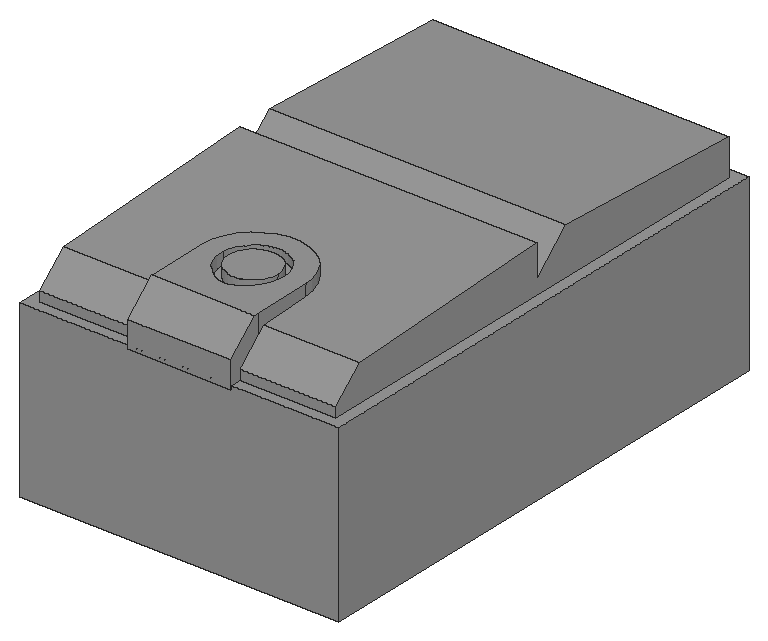
Revit family "ElectricalEquipment_Hager_Design30_Garage_2Way", category Electrical Equipment, host Face, Revit 2015
Parameters (values of type "VM24H")
  _DistributedBy = "www.bimstore.co.uk"
  _CurrentRevision = 0
  _CreatedBy = "MajentaSolutions"
  _BimstoreBibleVersion = "V15"  # constant formula
  _BimSpecGuid = 0
  _Author = "MajentaSolutions"
  WarrantyStartDate [instance] = ""
  WarrantyGuarantorParts = "2"
  WarrantyGuarantorLabor = ""
  WarrantyDurationUnit = "Years"
  WarrantyDurationParts = 2
  WarrantyDurationLabor = 0
  WarrantyDescription = "See Manufacturer"
  Voltage = "230V"
  URL = "http://www.hager.co.uk/"
  TypeName = "ElectricalEquipment_DINRailEnclosure_VM004K"
  Type Comments = Model  # "VM24H"
  TagNumber [instance] = ""
  SustainabilityPerformance = ""
  Size = ""
  built-in parameter 1140080 [instance] = "16kA"
  Shape = "Rectangular"
  ServiceLifeDuration = 0
  SerialNumber [instance] = EAN  # "3250610841815"
  ReplacementCost = 0
  NominalWidth = 149 mm
  NominalLength = 240 mm
  NominalHeight = 102.5 mm
  NominalDepth = 0 mm
  Neutral Rating = 1  # 100.00%
  NBSReference = ClassificationValue  # "Pr_80_77_28_16"
  NBSOfficeMasterTag = "n/a"
  NBSObjectName = "Hager_DINRailEnclosure_VM004K"
  NBSNote = ""
  NBSDescription = Category  # "ElectricalEquipment"
  ModelReference = Model  # "VM24H"
  ModelNumber = Model  # "VM24H"
  ModelLabel = ""
  Model = "VM24H"
  built-in parameter 1140079 [instance] = (empty or 0)
  Material = "MildSteel,ABS,AcousticComposite"
  ManufacturerName = "Hager"
  Manufacturer = "Hager"
  Mains Type = "AC"
  Keynote = "V"
  InstallationDate [instance] = ""
  IfcExportType = "ElectricalEquipment"
  IfcExportAs = "ElectricalEquipment"
  Grade = ""
  Finish = ""
  Features = Description  # "2Way_MetalGarage_CU_40A_RCCB"
  ExpectedLife = 10
  EAN = "3250610841815"
  DurationUnit = "Years"
  DocumentationTechnical = "http://www.hager.co.uk/product-catalogue/energy-distribution/consumer-units/design-range-of-consumer-units/design-30/51045.htm"
  DocumentationMaintenance = ""
  DocumentationLiterature = "http://www.hager.co.uk/product-catalogue/energy-distribution/consumer-units/design-range-of-consumer-units/design-30/51045.htm"
  DocumentationInstallationGuide = ""
  DocumentationCertificates = ""
  Description = "2Way_MetalGarage_CU_40A_RCCB"
  Default Elevation = 500 mm
  CreatedOn = "22.06.17"
  CreatedBy = "MajentaSolutions"
  Constituents = ""
  Colour = "RAL9010WhiteGloss"
  CodePerformance = ""
  ClassificationValue = "Pr_80_77_28_16"
  ClassificationName = "Uniclass2015"
  Category = "ElectricalEquipment"
  BarCode [instance] = ""
  BIMObjectName = "Hager_ElectricalEquipment_DINRailEnclosure_VM004K"
  AssetType = "Fixed"
  AssetIdentifier [instance] = ""
  Assembly Code = "D5010"
  AccessibilityPerformance = ""
Types (2, lengths in mm): name | Type Comments | SerialNumber | ModelReference | ModelNumber | Model | Features | EAN | Description
  VM24H | "VM24H" | "3250610841815" | "VM24H" | "VM24H" | "VM24H" | "2Way_MetalGarage_CU_40A_RCCB" | "3250610841815" | "2Way_MetalGarage_CU_40A_RCCB"
  VM24HK | "VM24HK" | "3250610841822" | "VM24HK" | "VM24HK" | "VM24HK" | "2Way_MetalGarage_CU_40A_RCCB_KO" | "3250610841822" | "2Way_MetalGarage_CU_40A_RCCB_KO"
Reference planes
  plane 1 "Center (Front/Back)": y = 0
  plane 2: z = 0
  plane 3 "Center (Left/Right)": x = 0
  plane 4: x = 74.5
  plane 5: x = -74.5
  plane 6: y = -120
  plane 7: y = 120
  plane 8: z = 102.5
  plane 9: y = 115
  plane 10: z = 104.5
  plane 11: z = 81.373
Forms (mm)
  Extrusion 1, solid, material "MildSteel,ABS,AcousticComposite", detail levels medium+fine
    sketch origin (0, 0, 0) x (1, 0, 0) y (0, 1, 0)
      loop
        line (-74.5, 120) -> (-74.5, -120) -> (74.5, -120) -> (74.5, 120) -> (-74.5, 120)
    from 0 to 81.373
  Extrusion 2, solid, material "MildSteel,ABS,AcousticComposite", detail levels fine
    sketch origin (-862.476, 5, 1.707) x (0, 1, 0) y (0, 0, 1)
      loop
        line (-120, 79.666) -> (110, 79.666) -> (110, 96.837) -> (14.685, 101.573) -> (-2.56, 85.947) -> (-2.56, 101.642) -> (-105.968, 96.624) -> (-120, 84.457) -> (-120, 79.666)
    from 792.976 to 931.976
  Extrusion 3, solid
    sketch origin (0, 0, 0) x (0, 1, 0) y (1, 0, 0)
      loop
        circle (2.44, 27.96) r 5
    from 0 to 1
  Extrusion 4, solid
    sketch origin (0, 0, 0) x (0, -1, 0) y (-1, 0, 0)
      loop
        circle (-2.44, 27.96) r 5
    from 0 to 1
Lines and regions (mm)
  reference lines
    curve 1: line (-69.5, 122.601, 0) -> (-69.5, -115, 0)
    curve 2: line (-69.5, -115, 0) -> (69.5, -115, 0)
    curve 3: line (69.5, -115, 0) -> (69.5, 127.601, 0)
  model lines
    curve 4: line (-74.5, 120, 0) -> (-74.5, -120, 0)
    curve 5: line (74.5, 120, 0) -> (74.5, -120, 0)
    curve 6: line (74.5, -120, 0) -> (-74.5, -120, 0)
    curve 7: line (74.5, 120, 0) -> (-74.5, 120, 0)
    curve 8: line (-69.5, 115, 0) -> (-69.5, -115, 0)
    curve 9: line (-69.5, 115, 0) -> (69.5, 115, 0)
    curve 10: line (69.5, -115, 0) -> (69.5, 115, 0)
    curve 11: line (-69.5, -115, 0) -> (69.5, -115, 0)
    curve 12: line (-69.5, 115, 0) -> (-69.5, -120, 0)
    curve 13: line (-24.26, -115.847, 0) -> (-24.26, -120, 0)
    curve 14: line (-24.04, -104.273, 0) -> (-24.26, -115.847, 0)
    curve 15: line (-24.04, -76.141, 0) -> (-24.04, -104.273, 0)
    curve 16: spline (23.96, -76.141, 0) -> (23.143, -69.938, 0) -> (20.745, -64.157, 0) -> (16.931, -59.194, 0) -> (11.96, -55.385, 0) -> (6.172, -52.99, 0) -> (-0.04, -52.174, 0) -> (-6.251, -52.99, 0) -> (-12.04, -55.385, 0) -> (-17.01, -59.194, 0) -> (-20.824, -64.157, 0) -> (-23.222, -69.938, 0) -> (-24.04, -76.141, 0)
    curve 17: line (23.96, -104.273, 0) -> (23.96, -76.141, 0)
    curve 18: line (24.26, -120, 0) -> (23.96, -104.273, 0)
    curve 19: arc (-11.595, -76.582, 0) -> (0, -88.178, 0) -> (11.595, -76.582, 0) r 11.595
    curve 20: arc (11.595, -76.582, 0) -> (0, -64.987, 0) -> (-11.595, -76.582, 0) r 11.595
    curve 21: line (-69.5, 19.685, 0) -> (69.5, 19.685, 0)
    curve 22: line (69.5, 2.44, 0) -> (-69.5, 2.44, 0)
Dimensions and locks
  equal spacing: plane 5, plane 3 "Center (Left/Right)", plane 4
  "NominalWidth": plane 5 to plane 4
  equal spacing: plane 6, plane 1 "Center (Front/Back)", plane 7
  "NominalLength": plane 6 to plane 7
  "NominalHeight": plane 8 to plane 2
  curve 3 to plane 4 = 5 mm
  plane 5 to curve 1 = 5 mm
  locked: plane 6 to curve 2 at 5
  plane 6 to plane 1 "Center (Front/Back)" = 120 mm
  locked: plane 9 to plane 7 at 5
  locked: plane 10 to plane 8 at 2
  aligned and locked: plane 2 to host face
  aligned and locked: level to host face
  aligned and locked: Extrusion 1 sketch curve to plane 5
  aligned and locked: Extrusion 1 sketch curve to plane 6
  aligned and locked: Extrusion 1 sketch curve to plane 4
  aligned and locked: Extrusion 1 sketch curve to plane 7
  aligned and locked: curve 4 to plane 5
  aligned and locked: curve 5 to plane 4
  aligned and locked: curve 7 to plane 7
  aligned and locked: curve 1 to curve 8
  aligned and locked: curve 9 to plane 9
  aligned and locked: curve 10 to curve 3
  aligned and locked: plane 6 to nested 1
  aligned and locked: plane 3 "Center (Left/Right)" to nested 1
  aligned and locked: Extrusion 2 to curve 2
  aligned and locked: curve 1 to Extrusion 2
  aligned and locked: plane 9 to Extrusion 2
  aligned and locked: Extrusion 2 to curve 1
  aligned and locked: curve 13 to nested 1
  aligned and locked: curve 14 to nested 1
  aligned and locked: curve 15 to nested 1
  aligned and locked: curve 17 to nested 1
  aligned and locked: curve 18 to nested 1
  aligned and locked: curve 19 to nested 1
  aligned and locked: curve 20 to nested 1
  aligned and locked: curve 21 to Extrusion 2
  aligned and locked: curve 22 to Extrusion 2
  aligned and locked: Extrusion 2 to plane 11
  aligned and locked: plane 11 to Extrusion 1
  aligned and locked: plane 10 to nested 1
Automatic sketch dimensions
  host sketch curve to host sketch curve = 2438.4 mm  (x2)
  curve 1 to plane 7 = 2.601 mm
  curve 3 to plane 7 = 7.601 mm
  plane 6 to curve 18 = 0 mm
  curve 8 to plane 6 = 5 mm
  curve 20 to curve 17 = 0.441 mm
  Extrusion 2 sketch curve to plane 11 = 0 mm
  Extrusion 2 sketch curve to plane 9 = 0 mm
  plane 8 to Extrusion 2 sketch curve = 0.78 mm
  Extrusion 2 sketch curve to plane 1 "Center (Front/Back)" = 19.685 mm
  Extrusion 2 sketch curve to plane 1 "Center (Front/Back)" = 2.44 mm
  Extrusion 2 sketch curve to plane 8 = 4.169 mm
  Extrusion 2 sketch curve to plane 6 = 19.032 mm
  Extrusion 2 sketch curve to plane 6 = 5 mm
  Extrusion 2 sketch curve to Extrusion 2 sketch curve = 4.791 mm
  plane 11 to Extrusion 2 sketch curve = 6.281 mm
  Extrusion 2 sketch curve to plane 8 = 3.957 mm
  plane 8 to Extrusion 2 sketch curve = 0.849 mm
  Extrusion 1 to Extrusion 3 sketch curve = 46.54 mm
  Extrusion 1 to Extrusion 3 sketch curve = 117.56 mm
  Extrusion 1 to Extrusion 4 sketch curve = 46.54 mm
  Extrusion 1 to Extrusion 4 sketch curve = 117.56 mm
  radius of Extrusion 3 sketch curve = 5 mm
  radius of Extrusion 4 sketch curve = 5 mm
Nested families
  nested 1: "Clip" at (0, -120, -0.5), type "Clip", detail levels fine
Connectors
  electrical at (27.96, 2.44, -1)
    settings: on Extrusion 3, index 1, voltage 230 V, apparent load 0 VA, apparent load phase1 0 VA, apparent load phase2 0 VA, apparent load phase3 0 VA, power factor 1, load classification "Other", number of poles 1, system type 30, power factor state 1, is connector primary yes, connector utility no, sub classification motor no, connector description ""
  electrical at (-27.96, 2.44, -1)
    settings: on Extrusion 4, index 2, voltage 230 V, apparent load 0 VA, apparent load phase1 0 VA, apparent load phase2 0 VA, apparent load phase3 0 VA, power factor 1, load classification "Other", number of poles 1, system type 30, power factor state 1, is connector primary no, connector utility no, sub classification motor no, connector description ""
Definition of nested family "Clip"
  Reference planes
    plane 1 "Center (Front/Back)": y = 0
    plane 2: z = 0
    plane 3 "Center (Left/Right)": x = 0
  Forms (mm)
    Extrusion 1, solid
      sketch origin (-424.098, 111.469, 0) x (1, 0, 0) y (0, 1, 0)
        loop
          line (448.059, -95.742) -> (448.059, -67.61)
          spline (448.059, -67.61) -> (447.241, -61.406) -> (444.843, -55.626) -> (441.029, -50.662) -> (436.059, -46.853) -> (430.271, -44.459) -> (424.059, -43.642) -> (417.847, -44.459) -> (412.059, -46.853) -> (407.088, -50.662) -> (403.274, -55.626) -> (400.877, -61.406) -> (400.059, -67.61)
          line (400.059, -67.61) -> (400.059, -95.742) -> (399.838, -107.316) -> (399.838, -111.469) -> (448.359, -111.469) -> (448.059, -95.742)
        loop
          spline (438.643, -67.656) -> (438.146, -63.885) -> (436.689, -60.371) -> (434.372, -57.353) -> (431.352, -55.037) -> (427.834, -53.582) -> (424.06, -53.085) -> (420.286, -53.582) -> (416.769, -55.037) -> (413.749, -57.353) -> (411.431, -60.371) -> (409.974, -63.885) -> (409.477, -67.656)
          arc (409.477, -67.656) -> (412.64, -78.484) -> (421.538, -85.418) r 18.356
          arc (421.538, -85.418) -> (424.06, -85.863) -> (426.582, -85.418) r 7.362
          arc (426.582, -85.418) -> (435.48, -78.484) -> (438.643, -67.656) r 18.356
        loop
          circle (424.098, -68.051) r 11.595
      from 80 to 105
    Extrusion 2, void
      sketch origin (0, 0, 0) x (0, 1, 0) y (0, 0, 1)
        loop
          line (0, 105) -> (0, 92.5) -> (14, 105) -> (0, 105)
      from -27.556 to 26.925
  Cuts and joins
    Extrusion 2 cuts Extrusion 1
  Dimensions and locks
    aligned and locked: level to plane 2
    aligned and locked: Extrusion 2 sketch curve to Extrusion 1
    aligned and locked: Extrusion 1 to Extrusion 2 sketch curve
